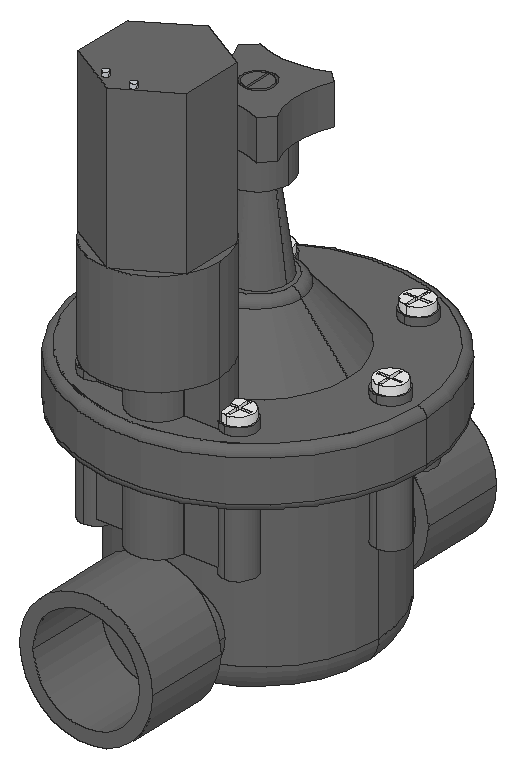
Revit family "Valve - PEB Series - 100PEB", category Acessórios do tubo, Revit 2020
Family settings
  Cota do conector redondo = Utilizar diâmetro
  Tipo de parte = Normal
  Número OmniClass = 23.60.30.11.14
  Título OmniClass = Pipework Fittings
  Com base no plano de trabalho = Não
  Sempre na vertical = Sim
  Corte com vazios quando carregada = Não
  Compartilhado = Não
Parameters (values of type "100PEB")
  a [instance] = 1.27 cm
  URL = "https://www.rainbird.com/"
  SupportProjetos: Reviw Date = "10/11/2020"  # constant formula
  SupportProjetos: Reviw = "R01"  # constant formula
  SupportProjetos: Level of Detail = "LOD300"  # constant formula
  SupportProjetos: Developed = "MICHEL SOARES MOTA"  # constant formula
  SupportProjetos: Creation Date = "27/08/2020"  # constant formula
  RainBird: Product Link = "https://www.rainbird.com/"
  RainBird: Description = "Valves - PEB Series - 100PEB"
  RainBird: Comment = ""
  RainBird: Code = "B34073"  # constant formula
  RN [instance] = DN / 2  # 1.27 cm
  Modelo = "100PEB"
  Material Parafuso = Aço cromado
  Material = PVC-U
  Elevação padrão = 0 cm
  Diametro corpo [instance] = 6 cm
  Diametro Tubo = 2.54 cm
  Det1 [instance] = 2 cm
  Descrição = RainBird: Description  # "Valves - PEB Series - 100PEB"
  DN [instance] = 2.54 cm
  Caminho croqui = 6.2 cm
  Anotação Válvula = yes
Types (4, lengths in cm): name | RainBird: Description | Modelo | Descrição
  (no name) | "Valves - PEB Series - 100PEB" | "100PEB" | "Valves - PEB Series - 100PEB"
  100PEB | "Valves - PEB Series - 100PEB" | "100PEB" | "Valves - PEB Series - 100PEB"
  100PESB | "Valves - PEB Series - 100PESB" | "100PESB" | "Valves - PEB Series - 100PESB"
  100PEB-R | "Valves - PEB Series - 100PEB-R" | "100PEB-R" | "Valves - PEB Series - 100PEB-R"
Reference planes (cm)
  plane 1 "Centro (Frente/Trás)": y = 0
  plane 2: z = 0
  plane 3 "Centro (Esquerda/Direita)": x = 0
Forms (cm)
  Sweep 1, solid, material "PVC-U" <- "Material"
    path origin (0, 0, 0) x (1, 0, 0) y (0, 1, 0)
      loop
        circle (0, 0) r 3
    profile origin (0, 3, 0) x (0, -1, 0) y (0, 0, 1)
      loop
        arc (-0.8167, 4.73) -> (-0.9581, 4.6714) -> (-1.0167, 4.53) r 0.2
        line (-1.0167, 4.53) -> (-1.0167, 3.5381)
        arc (-1.0167, 3.5381) -> (-0.9659, 3.4154) -> (-0.8431, 3.3646) r 0.1736
        line (-0.8431, 3.3646) -> (0.1106, 3.3646) -> (0.1106, -0.5651)
        arc (0.1106, -0.5651) -> (0.3171, -1.0635) -> (0.8156, -1.27) r 0.7049
        line (0.8156, -1.27) -> (2.9833, -1.27) -> (2.9833, 10.23) -> (2.7355, 10.23) -> (2.7355, 8.23) -> (2.5811, 8.23) -> (2.3, 6.23) -> (2.1864, 6.23)
        arc (2.1864, 6.23) -> (2.0425, 6.1704) -> (1.9829, 6.0265) r 0.2035
        line (1.9829, 6.0265) -> (0.8559, 4.73) -> (-0.8167, 4.73)
  Extrusion 2, solid, material "PVC-U" <- "Material"
    sketch origin (0, 0, 0) x (0, 1, 0) y (-1, 0, 0)
      loop
        circle (0, -3.1645) r 0.4
      loop
        circle (-2.6737, -1.6844) r 0.4
      loop
        circle (2.6737, -1.6844) r 0.4
      loop
        circle (0, 3.1645) r 0.4
      loop
        circle (-2.6737, 1.6844) r 0.4
      loop
        circle (2.6737, 1.6844) r 0.4
    from 1.6273 to 4.9094
  Extrusion 3, solid, material "Aço cromado" <- "Material Parafuso"
    sketch origin (0, 0, 0) x (0, 1, 0) y (-1, 0, 0)
      loop
        circle (0, -3.1645) r 0.3541
      loop
        line (-0.0439, -3.207) -> (-0.0439, -3.4485) -> (0.0343, -3.4485) -> (0.0343, -3.207) -> (0.292, -3.207) -> (0.292, -3.123) -> (0.0343, -3.123) -> (0.0343, -2.8619) -> (-0.0439, -2.8619) -> (-0.0439, -3.123) -> (-0.3045, -3.123) -> (-0.3045, -3.207) -> (-0.0439, -3.207)
      loop
        circle (2.6737, -1.6844) r 0.3541
      loop
        line (2.6298, -1.7268) -> (2.6298, -1.9683) -> (2.708, -1.9683) -> (2.708, -1.7268) -> (2.9658, -1.7268) -> (2.9658, -1.6428) -> (2.708, -1.6428) -> (2.708, -1.3817) -> (2.6298, -1.3817) -> (2.6298, -1.6428) -> (2.3692, -1.6428) -> (2.3692, -1.7268) -> (2.6298, -1.7268)
      loop
        circle (-2.6737, -1.6844) r 0.3541
      loop
        line (-2.6298, -1.7268) -> (-2.3692, -1.7268) -> (-2.3692, -1.6428) -> (-2.6298, -1.6428) -> (-2.6298, -1.3817) -> (-2.708, -1.3817) -> (-2.708, -1.6428) -> (-2.9658, -1.6428) -> (-2.9658, -1.7268) -> (-2.708, -1.7268) -> (-2.708, -1.9683) -> (-2.6298, -1.9683) -> (-2.6298, -1.7268)
      loop
        circle (0, 3.1645) r 0.3541
      loop
        line (-0.0439, 3.207) -> (-0.3045, 3.207) -> (-0.3045, 3.123) -> (-0.0439, 3.123) -> (-0.0439, 2.8619) -> (0.0343, 2.8619) -> (0.0343, 3.123) -> (0.292, 3.123) -> (0.292, 3.207) -> (0.0343, 3.207) -> (0.0343, 3.4485) -> (-0.0439, 3.4485) -> (-0.0439, 3.207)
      loop
        circle (2.6737, 1.6844) r 0.3541
      loop
        line (2.6298, 1.7268) -> (2.3692, 1.7268) -> (2.3692, 1.6428) -> (2.6298, 1.6428) -> (2.6298, 1.3817) -> (2.708, 1.3817) -> (2.708, 1.6428) -> (2.9658, 1.6428) -> (2.9658, 1.7268) -> (2.708, 1.7268) -> (2.708, 1.9683) -> (2.6298, 1.9683) -> (2.6298, 1.7268)
      loop
        circle (-2.6737, 1.6844) r 0.3541
      loop
        line (-2.6298, 1.7268) -> (-2.6298, 1.9683) -> (-2.708, 1.9683) -> (-2.708, 1.7268) -> (-2.9658, 1.7268) -> (-2.9658, 1.6428) -> (-2.708, 1.6428) -> (-2.708, 1.3817) -> (-2.6298, 1.3817) -> (-2.6298, 1.6428) -> (-2.3692, 1.6428) -> (-2.3692, 1.7268) -> (-2.6298, 1.7268)
    from 4.9094 to 5.1073
  Sweep 4, solid, material "PVC-U" <- "Material"
    path origin (0, 0, 0) x (1, 0, 0) y (0, 1, 0)
      loop
        line (0, -3.1) -> (0, 3.1)
    profile origin (0, 0, 0) x (-1, 0, 0) y (0, 0, 1)
      loop
        circle (0, 0) r 1.27
  Sweep 5, solid, material "PVC-U" <- "Material"
    path origin (0, 0, 0) x (1, 0, 0) y (0, 1, 0)
      loop
        line (0, 3.1) -> (0, 5.1)
    profile origin (0, 4.1, 0) x (-1, 0, 0) y (0, 0, 1)
      loop
        circle (0, 0) r 1.5878
      loop
        circle (0, 0) r 1.27
  Sweep 6, solid, material "PVC-U" <- "Material"
    path origin (0, 0, 0) x (1, 0, 0) y (0, 1, 0)
      loop
        line (0, -3.1) -> (0, -5.1)
    profile origin (0, -4.1, 0) x (1, 0, 0) y (0, 0, 1)
      loop
        circle (0, 0) r 1.5878
      loop
        circle (0, 0) r 1.27
  Extrusion 7, solid, material "PVC-U" <- "Material"
    sketch origin (0, 0, 0) x (1, 0, 0) y (0, 1, 0)
      loop
        circle (-1.2684, 1.1319) r 0.5
    from 4.73 to 7.1863
  Extrusion 8, solid, material "PVC-U" <- "Material"
    sketch origin (0, 0, 0) x (1, 0, 0) y (0, 1, 0)
      loop
        circle (-1.2684, 1.1319) r 0.35
    from 7.1863 to 8.23
  Extrusion 9, solid, material "PVC-U" <- "Material"
    sketch origin (0, 0, 0) x (1, 0, 0) y (0, 1, 0)
      loop
        circle (-1.2684, 1.1319) r 0.1348
      loop
        line (-1.5709, 1.5211) -> (-1.6659, 1.4261)
        arc (-1.6659, 1.4261) -> (-1.5973, 1.1326) -> (-1.6637, 0.8386) r 0.673
        line (-1.6637, 0.8386) -> (-1.5688, 0.7436)
        arc (-1.5688, 0.7436) -> (-1.2712, 0.8132) -> (-0.9736, 0.7436) r 0.6718
        line (-0.9736, 0.7436) -> (-0.8778, 0.8394)
        arc (-0.8778, 0.8394) -> (-0.9436, 1.1315) -> (-0.8786, 1.4239) r 0.686
        line (-0.8786, 1.4239) -> (-0.9762, 1.5215)
        arc (-0.9762, 1.5215) -> (-1.2735, 1.4534) -> (-1.5709, 1.5211) r 0.6846
    from 8.23 to 8.509
  Extrusion 10, solid, material "PVC-U" <- "Material"
    sketch origin (1.2875, -1.1319, 0) x (1, 0, 0) y (0, 1, 0)
      loop
        circle (-1.2684, 1.1319) r 0.3851
      loop
        line (-2.1324, 2.2437) -> (-2.4038, 1.9724)
        arc (-2.4038, 1.9724) -> (-2.2079, 1.134) -> (-2.3976, 0.2941) r 1.9225
        line (-2.3976, 0.2941) -> (-2.1264, 0.0229)
        arc (-2.1264, 0.0229) -> (-1.2763, 0.2215) -> (-0.4262, 0.0229) r 1.9189
        line (-0.4262, 0.0229) -> (-0.1528, 0.2963)
        arc (-0.1528, 0.2963) -> (-0.3407, 1.131) -> (-0.1551, 1.9661) r 1.9594
        line (-0.1551, 1.9661) -> (-0.4338, 2.2448)
        arc (-0.4338, 2.2448) -> (-1.283, 2.0502) -> (-2.1324, 2.2437) r 1.9556
      loop
        arc (-1.3071, 1.4648) -> (-1.6036, 1.1319) -> (-1.3071, 0.799) r 0.3351
        line (-1.3071, 0.799) -> (-1.3071, 1.4648)
      loop
        line (-1.2684, 1.467) -> (-1.2684, 0.7967)
        arc (-1.2684, 0.7967) -> (-0.9581, 1.1319) -> (-1.2684, 1.467) r 0.3361
    from 9.3751 to 10.3365
  Extrusion 11, solid, material "PVC-U" <- "Material"
    sketch origin (0, 0, 0) x (1, 0, 0) y (0, 1, 0)
      loop
        circle (0, 0) r 0.7379
    from 8.3753 to 9.3751
  Extrusion 12, solid, material "PVC-U" <- "Material"
    sketch origin (0, 0, 0) x (1, 0, 0) y (0, 1, 0)
      loop
        circle (0, -3) r 0.6406
    from 1.7812 to 5.8349
  Extrusion 13, solid, material "PVC-U" <- "Material"
    sketch origin (0, 0, 0) x (1, 0, 0) y (0, 1, 0)
      loop
        circle (0, -3) r 1.5
    from 5.8349 to 8.3126
  Extrusion 14, solid, material "PVC-U" <- "Material"
    sketch origin (0, 0, 0) x (1, 0, 0) y (0, 1, 0)
      loop
        line (0, -4.5) -> (1.299, -3.75) -> (1.299, -2.25) -> (0, -1.5) -> (-1.299, -2.25) -> (-1.299, -3.75) -> (0, -4.5)
    from 8.3126 to 12.15
  Extrusion 15, solid, material "PVC-U" <- "Material"
    sketch origin (0, 0, 0) x (1, 0, 0) y (0, 1, 0)
      loop
        arc (1.5, -3) -> (0, -1.5) -> (-1.5, -3) r 1.5
        line (-1.5, -3) -> (1.5, -3)
    from 1.7812 to 5.8349
  Extrusion 16, solid
    sketch origin (0, 0, 0) x (1, 0, 0) y (0, 1, 0)
      loop
        circle (-0.329, -4.1208) r 0.0806
      loop
        circle (0.3553, -4.1386) r 0.0824
    from 12.15 to 12.2333
Cuts and joins
  joined: Extrusion 13, Extrusion 14, Extrusion 15
Dimensions and locks (cm)
  "Caminho croqui": Sweep 4 sketch curve to Sweep 4 sketch curve
  equal spacing: Sweep 4 sketch curve, plane 1 "Centro (Frente/Trás)", Sweep 4 sketch curve
  "Det1": Sweep 5 sketch curve to Sweep 5 sketch curve
  "Det1": Sweep 6 sketch curve to Sweep 6 sketch curve
  locked: plane 1 "Centro (Frente/Trás)" to Sweep 1 sketch curve at 0.0167
  Sweep 1 sketch curve to Sweep 1 sketch curve = 4 cm
  "Diametro corpo": diameter of Sweep 1 sketch curve
  "Diametro Tubo": diameter of Sweep 4 sketch curve
  aligned and locked: level to plane 2
  aligned and locked: Sweep 4 to Sweep 5 sketch curve
  aligned and locked: Sweep 5 sketch curve to Sweep 4  (x2)
  aligned and locked: Sweep 4 to Sweep 6 sketch curve
  aligned and locked: Sweep 6 sketch curve to Sweep 5  (x4)
  aligned and locked: Extrusion 9 to Extrusion 8
  aligned and locked: Extrusion 10 to Extrusion 11
  aligned and locked: Extrusion 13 to Extrusion 12
  aligned and locked: Extrusion 14 to Extrusion 13
  aligned and locked: Extrusion 15 sketch curve to Extrusion 13
  aligned and locked: Extrusion 15 to Extrusion 12  (x2)
  aligned and locked: Extrusion 16 to cut or joined group of Extrusion 13, Extrusion 14, Extrusion 15
  aligned and locked: Extrusion 2 to Extrusion 3
Automatic sketch dimensions
  Sweep 5 sketch curve to Sweep 5 sketch curve = 0 cm  (x2)
  Extrusion 7 sketch curve to plane 3 "Centro (Esquerda/Direita)" = 1.2684 cm
  Extrusion 7 sketch curve to plane 1 "Centro (Frente/Trás)" = 1.1319 cm
  Extrusion 8 sketch curve to plane 3 "Centro (Esquerda/Direita)" = 1.2684 cm
  Extrusion 8 sketch curve to plane 1 "Centro (Frente/Trás)" = 1.1319 cm
  Extrusion 9 sketch curve to plane 1 "Centro (Frente/Trás)" = 1.1301 cm
  Extrusion 9 sketch curve to plane 3 "Centro (Esquerda/Direita)" = 2.2704 cm
  Extrusion 9 sketch curve to Extrusion 9 sketch curve = 0.6045 cm
  Extrusion 9 sketch curve to plane 1 "Centro (Frente/Trás)" = 0.8386 cm
  Extrusion 9 sketch curve to Extrusion 9 sketch curve = 0.0022 cm
  Extrusion 9 sketch curve to Extrusion 9 sketch curve = 0.095 cm  (x3)
  Extrusion 9 sketch curve to plane 1 "Centro (Frente/Trás)" = 0.7436 cm  (x2)
  Extrusion 9 sketch curve to Extrusion 9 sketch curve = 0.2969 cm
  Extrusion 9 sketch curve to plane 1 "Centro (Frente/Trás)" = 0.1414 cm
  Extrusion 9 sketch curve to Extrusion 9 sketch curve = 0.2976 cm
  Extrusion 9 sketch curve to Extrusion 9 sketch curve = 0.3004 cm
  Extrusion 9 sketch curve to Extrusion 9 sketch curve = 0.2922 cm
  Extrusion 9 sketch curve to Extrusion 9 sketch curve = 0.0976 cm  (x2)
  Extrusion 9 sketch curve to Extrusion 9 sketch curve = 0.0957 cm  (x2)
  Extrusion 9 sketch curve to plane 3 "Centro (Esquerda/Direita)" = 0.2577 cm
  Extrusion 9 sketch curve to Extrusion 9 sketch curve = 0.3882 cm
  Extrusion 9 sketch curve to Extrusion 9 sketch curve = 0.2931 cm
  Extrusion 10 sketch curve to Extrusion 10 sketch curve = 0 cm  (x2)
  Extrusion 10 sketch curve to Extrusion 10 sketch curve = 0.0258 cm  (x2)
  plane 1 "Centro (Frente/Trás)" to Extrusion 10 sketch curve = 0 cm
  plane 3 "Centro (Esquerda/Direita)" to Extrusion 10 sketch curve = 0.019 cm  (x2)
  plane 3 "Centro (Esquerda/Direita)" to Extrusion 10 sketch curve = 0.0112 cm
  plane 3 "Centro (Esquerda/Direita)" to Extrusion 10 sketch curve = 0.0032 cm
  Extrusion 10 sketch curve to plane 3 "Centro (Esquerda/Direita)" = 0.0197 cm
  Extrusion 10 sketch curve to plane 3 "Centro (Esquerda/Direita)" = 0.8389 cm
  Extrusion 10 sketch curve to plane 3 "Centro (Esquerda/Direita)" = 0.8449 cm
  Extrusion 10 sketch curve to Extrusion 10 sketch curve = 0.2712 cm
  Extrusion 10 sketch curve to Extrusion 10 sketch curve = 0.2714 cm
  plane 1 "Centro (Frente/Trás)" to Extrusion 10 sketch curve = 0.005 cm
  Extrusion 10 sketch curve to Extrusion 10 sketch curve = 1.7328 cm
  plane 3 "Centro (Esquerda/Direita)" to Extrusion 10 sketch curve = 0.8537 cm
  plane 3 "Centro (Esquerda/Direita)" to Extrusion 10 sketch curve = 0.8613 cm
  Extrusion 10 sketch curve to Extrusion 10 sketch curve = 0.2787 cm  (x2)
  Extrusion 10 sketch curve to Extrusion 10 sketch curve = 0.2734 cm  (x2)
  Extrusion 10 sketch curve to plane 1 "Centro (Frente/Trás)" = 0.0018 cm
  Extrusion 10 sketch curve to Extrusion 10 sketch curve = 1.7715 cm
  plane 1 "Centro (Frente/Trás)" to Extrusion 10 sketch curve = 0.3351 cm
  Extrusion 10 sketch curve to Extrusion 10 sketch curve = 0.0022 cm
  plane 1 "Centro (Frente/Trás)" to Extrusion 10 sketch curve = 0.8355 cm
  plane 1 "Centro (Frente/Trás)" to Extrusion 10 sketch curve = 0.8377 cm
  Extrusion 10 sketch curve to Extrusion 10 sketch curve = 1.7203 cm
  Extrusion 10 sketch curve to Extrusion 10 sketch curve = 0.2713 cm
  plane 1 "Centro (Frente/Trás)" to Extrusion 11 sketch curve = 0 cm
  Extrusion 11 sketch curve to plane 3 "Centro (Esquerda/Direita)" = 0 cm
  Extrusion 12 sketch curve to plane 3 "Centro (Esquerda/Direita)" = 0 cm
  plane 1 "Centro (Frente/Trás)" to Extrusion 12 sketch curve = 3 cm
  Extrusion 13 sketch curve to plane 3 "Centro (Esquerda/Direita)" = 0 cm
  plane 1 "Centro (Frente/Trás)" to Extrusion 13 sketch curve = 3 cm
  Extrusion 16 sketch curve to plane 3 "Centro (Esquerda/Direita)" = 0.329 cm
  Extrusion 16 sketch curve to Extrusion 16 sketch curve = 0.6843 cm
  plane 1 "Centro (Frente/Trás)" to Extrusion 16 sketch curve = 4.1208 cm
  Extrusion 16 sketch curve to Extrusion 16 sketch curve = 0.0178 cm
  plane 1 "Centro (Frente/Trás)" to Extrusion 3 sketch curve = 0 cm  (x2)
  plane 1 "Centro (Frente/Trás)" to Extrusion 3 sketch curve = 0.0439 cm  (x4)
  Extrusion 3 sketch curve to Extrusion 3 sketch curve = 0.2606 cm  (x6)
  plane 1 "Centro (Frente/Trás)" to Extrusion 3 sketch curve = 2.3692 cm  (x2)
  Extrusion 3 sketch curve to Extrusion 3 sketch curve = 0 cm  (x10)
  Extrusion 3 sketch curve to Extrusion 3 sketch curve = 0.0439 cm  (x4)
  Extrusion 3 sketch curve to Extrusion 3 sketch curve = 0.0343 cm  (x4)
  Extrusion 3 sketch curve to Extrusion 3 sketch curve = 0.0782 cm  (x4)
  Extrusion 3 sketch curve to Extrusion 3 sketch curve = 0.2577 cm  (x6)
  Extrusion 3 sketch curve to plane 1 "Centro (Frente/Trás)" = 0.0343 cm  (x4)
  Extrusion 3 sketch curve to plane 1 "Centro (Frente/Trás)" = 2.3692 cm  (x2)
  plane 3 "Centro (Esquerda/Direita)" to Extrusion 3 sketch curve = 3.4485 cm
  Extrusion 3 sketch curve to Extrusion 3 sketch curve = 0.2415 cm  (x6)
  Extrusion 3 sketch curve to Extrusion 3 sketch curve = 0.0425 cm  (x7)
  Extrusion 3 sketch curve to Extrusion 3 sketch curve = 0.0415 cm  (x4)
  Extrusion 3 sketch curve to Extrusion 3 sketch curve = 0.084 cm  (x7)
  Extrusion 3 sketch curve to Extrusion 3 sketch curve = 0.2612 cm  (x6)
  plane 3 "Centro (Esquerda/Direita)" to Extrusion 3 sketch curve = 1.9683 cm  (x2)
  Extrusion 3 sketch curve to plane 3 "Centro (Esquerda/Direita)" = 1.3817 cm  (x2)
  Extrusion 3 sketch curve to Extrusion 3 sketch curve = 1.135 cm
  plane 1 "Centro (Frente/Trás)" to Extrusion 2 sketch curve = 0 cm  (x2)
  plane 1 "Centro (Frente/Trás)" to Extrusion 2 sketch curve = 2.6737 cm  (x2)
  Extrusion 2 sketch curve to plane 1 "Centro (Frente/Trás)" = 2.6737 cm  (x2)
  plane 3 "Centro (Esquerda/Direita)" to Extrusion 2 sketch curve = 3.1645 cm
  plane 3 "Centro (Esquerda/Direita)" to Extrusion 2 sketch curve = 1.6844 cm  (x2)
  Extrusion 2 sketch curve to plane 3 "Centro (Esquerda/Direita)" = 1.6844 cm  (x2)
  Extrusion 2 sketch curve to Extrusion 2 sketch curve = 1.4802 cm
  Sweep 1 sketch curve to Sweep 1 sketch curve = 0.1736 cm
  Sweep 1 sketch curve to Sweep 1 sketch curve = 0.2 cm
  Sweep 1 sketch curve to profile plane = 0.1106 cm
  Sweep 1 sketch curve to Sweep 1 sketch curve = 0.7049 cm
  Sweep 1 sketch curve to profile plane = 0.8559 cm
  Sweep 1 sketch curve to Sweep 1 sketch curve = 1.127 cm
  Sweep 1 sketch curve to Sweep 1 sketch curve = 0.2035 cm
  Sweep 1 sketch curve to Sweep 1 sketch curve = 0.1136 cm
  Sweep 1 sketch curve to Sweep 1 sketch curve = 0.2811 cm
  Sweep 1 sketch curve to Sweep 1 sketch curve = 0.2478 cm
  Sweep 1 sketch curve to level = 1.27 cm
  level to Sweep 1 sketch curve = 3.3646 cm
  Sweep 1 sketch curve to Sweep 1 sketch curve = 0.9919 cm
  Sweep 1 sketch curve to Sweep 1 sketch curve = 1.2965 cm
  Sweep 1 sketch curve to Sweep 1 sketch curve = 2 cm  (x2)
  plane 1 "Centro (Frente/Trás)" to Sweep 1 sketch curve = 0 cm
  Sweep 1 sketch curve to plane 3 "Centro (Esquerda/Direita)" = 0 cm
  Sweep 4 sketch curve to plane 3 "Centro (Esquerda/Direita)" = 0 cm
  Sweep 4 sketch curve to level = 0 cm
  Sweep 4 sketch curve to profile plane = 0 cm
  Sweep 5 sketch curve to plane 3 "Centro (Esquerda/Direita)" = 0 cm
  Sweep 6 sketch curve to plane 3 "Centro (Esquerda/Direita)" = 0 cm
  radius of Sweep 5 sketch curve = 1.5878 cm
  radius of Extrusion 7 sketch curve = 0.5 cm
  radius of Extrusion 8 sketch curve = 0.35 cm
  radius of Extrusion 9 sketch curve = 0.1348 cm
  radius of Extrusion 10 sketch curve = 0.3851 cm
  radius of Extrusion 11 sketch curve = 0.7379 cm
  radius of Extrusion 12 sketch curve = 0.6406 cm
  radius of Extrusion 13 sketch curve = 1.5 cm
  radius of Extrusion 16 sketch curve = 0.0806 cm
  radius of Extrusion 16 sketch curve = 0.0824 cm
  radius of Extrusion 3 sketch curve = 0.3541 cm  (x6)
  radius of Extrusion 2 sketch curve = 0.4 cm  (x6)
Connectors (cm)
  electrical at (0.3553, -4.1386, 12.2333)
    settings: on Extrusion 16, index 3, voltage 600 V, apparent load 0 VA, apparent load phase1 0 VA, apparent load phase2 0 VA, apparent load phase3 0 VA, power factor 1, load classification "Outro", number of poles 1, system type 30, power factor state 1, is connector primary yes, connector utility no, sub classification motor no, connector description ""
  electrical at (-0.329, -4.1208, 12.2333)
    settings: on Extrusion 16, index 4, voltage 600 V, apparent load 0 VA, apparent load phase1 0 VA, apparent load phase2 0 VA, apparent load phase3 0 VA, power factor 1, load classification "Outro", number of poles 1, system type 30, power factor state 1, is connector primary no, connector utility no, sub classification motor no, connector description ""
  piping at (0, 5.1, 0), diameter 2.54, driven by "DN"
    settings: on Sweep 5, index 5, connector inside diameter 609.6 mm, connector length 0 cm, flow factor 0, pipe flow 0.0 L/s, pressure drop 0.0 Pa, fitting loss kfactor 0, connector angle 0.00°, fixture units 0, engagement length 0 cm, angle of deflection 0.00°, flow configuration 0, flow direction 0, fitting loss method 0, system type 20, joint type 0, gender type 0, connector reference index 6, connector utility 0, adjustable connector no, is connector primary yes, connector description ""
  piping at (0, -3.1, 0), diameter 2.54, driven by "DN"
    settings: on Sweep 6, index 6, connector inside diameter 609.6 mm, connector length 0 cm, flow factor 0, pipe flow 0.0 L/s, pressure drop 0.0 Pa, fitting loss kfactor 0, connector angle 0.00°, fixture units 0, engagement length 0 cm, angle of deflection 0.00°, flow configuration 0, flow direction 0, fitting loss method 0, system type 20, joint type 0, gender type 0, connector reference index 5, connector utility 0, adjustable connector no, is connector primary no, connector description ""
